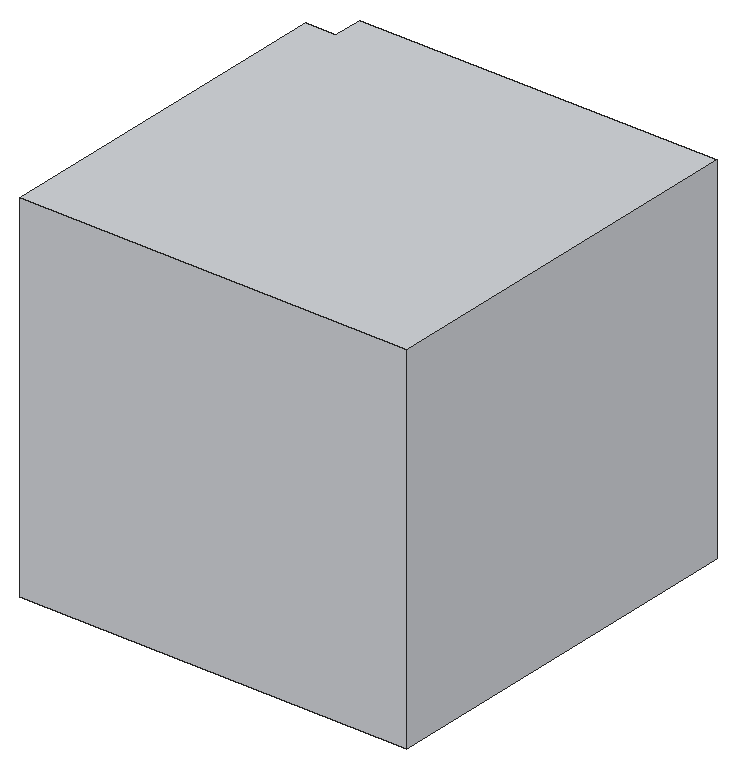
Revit family "M_Rectangular Elbow - Mitered - Single Thickness Vanes", category Duct Fittings, Revit 2014
Parameters (values of type "Standard")
  Vanes Space [instance] = Vanes Radius  # 50 mm
  Duct Width [instance] = 300 mm
  Shoulder Length [instance] = 25 mm
  Number [instance] = if((Length 1 + Length 2) / Vanes Space > 2, (Length 1 + Length 2) / Vanes Space, 2)  # 6
  Length 2 [instance] = if((Half Duct Width - Vanes Radius) > 0 mm, Half Duct Width - Vanes Radius, 25 mm)  # 100 mm
  Length 1 [instance] = Half Duct Width + Vanes Radius / 2  # 175 mm
  Duct Length1 [instance] = tan(Angle / 2) * Duct Width / 2 + Shoulder Length  # 175 mm
  Vanes Radius [instance] = Duct Width / 6  # 50 mm
  Duct Height [instance] = 300 mm
  Half Duct Width [instance] = Duct Width / 2  # 150 mm
  Half Duct Length 1 [instance] = Duct Length1 / 2  # 87.5 mm
  Half Duct Height [instance] = Duct Height / 2  # 150 mm
  Angle 2 [instance] = Angle / 2  # 45.00°
  Angle [instance] = 90.00°
Reference planes
  plane 1 "Center (Front/Back)": y = 0
  plane 2: z = 0
  plane 3 "Center (Left/Right)": x = 0
  plane 4: x = -175
Forms (mm)
  Sweep 1, solid, detail levels medium+fine
    path in 3D
      loop
        line (-175, 0, 0) -> (0, 0, 0) -> (0, 175, 0)
    profile "M_Duct - Rectangular : Duct - Rectangular" origin (-87.5, 0, 0) x (0, 1, 0) y (0, 0, 1)
      loop
        line (-150, 150) -> (-150, -150) -> (150, -150) -> (150, 150) -> (-150, 150)
Lines and regions (mm)
  reference lines
    curve 1: line (-175, 0, 0) -> (0, 0, 0)
    curve 6: line (0, 0, 0) -> (-123.744, 123.744, 0)
    curve 7: line (0, 0, 0) -> (70.711, -70.711, 0)
    curve 8: line (-123.744, 123.744, 0) -> (-177.625, 69.862, 0)
    curve 9: line (-88.388, 88.388, 0) -> (-142.27, 34.507, 0)
  model lines, style "DuctFitting", detail levels coarse
    curve 2: line (0, 0, 0) -> (0, 175, 0)
    curve 5: line (-175, 0, 0) -> (0, 0, 0)
  sketch lines
    curve 3: line (-175, 0, 0) -> (0, 0, 0)
    curve 4: line (0, 0, 0) -> (0, 175, 0)
  model lines, detail levels coarse
    curve 10: line (0, 0, 0) -> (-61.872, 61.872, 0)
    curve 11: line (0, 0, 0) -> (61.872, -61.872, 0)
Dimensions and locks
  "Duct Length1": plane 4 to plane 3 "Center (Left/Right)"
  "Duct Length1": curve 2 to curve 2
  "Length 1": curve 6 to curve 6
  "Length 2": curve 7 to curve 7
  "Vanes Space": curve 8 to curve 9
  equal spacing: group 1, group 2, group 3, group 4, group 5, group 6  (x2)
  equal spacing: group 6, group 5, group 4, group 3, group 2, group 1
  "Half Duct Length 1": curve 10 to curve 10
  "Half Duct Length 1": curve 11 to curve 11
  "Angle": angle plane 1 "Center (Front/Back)" to curve 2
  "Angle 2": angle plane 3 "Center (Left/Right)" to curve 7
  "Angle 2": angle plane 3 "Center (Left/Right)" to curve 6
  locked: curve 6 to curve 8 (angle 90.00°)
  locked: curve 9 to curve 6 (angle 90.00°)
  "Angle 2": angle plane 3 "Center (Left/Right)" to curve 10
  "Angle 2": angle plane 3 "Center (Left/Right)" to curve 11
  aligned and locked: plane 1 "Center (Front/Back)" to curve 1
  aligned and locked: plane 3 "Center (Left/Right)" to curve 1
  aligned and locked: plane 4 to curve 1
  aligned and locked: curve 5 to curve 1
  aligned and locked: curve 6 to nested 1
  aligned and locked: nested 1 to curve 6
  aligned and locked: nested 2 to curve 9  (x2)
Automatic sketch dimensions
  curve 5 to plane 4 = 0 mm
  curve 11 to plane 3 "Center (Left/Right)" = 0 mm
Nested families
  nested 1: "M_Duct - Single Vanes" at (-123.744, 123.744, 0), Radius <- "Vanes Radius", Height <- "Half Duct Height", Angle <- "Angle", type "Duct - Single Vanes", detail levels medium+fine
    with Radius 50 mm, Height 150 mm, Angle 90.00°
  nested 2: "M_Duct - Single Vanes" at (-88.388, 88.388, 0), Radius <- "Vanes Radius", Height <- "Half Duct Height", Angle <- "Angle", type "Duct - Single Vanes", detail levels medium+fine
    with Radius 50 mm, Height 150 mm, Angle 90.00°
  nested 3: "M_Duct - Single Vanes" at (-53.033, 53.033, 0), Radius <- "Vanes Radius", Height <- "Half Duct Height", Angle <- "Angle", type "Duct - Single Vanes", detail levels medium+fine
    with Radius 50 mm, Height 150 mm, Angle 90.00°
  nested 4: "M_Duct - Single Vanes" at (-17.678, 17.678, 0), Radius <- "Vanes Radius", Height <- "Half Duct Height", Angle <- "Angle", type "Duct - Single Vanes", detail levels medium+fine
    with Radius 50 mm, Height 150 mm, Angle 90.00°
  nested 5: "M_Duct - Single Vanes" at (17.678, -17.678, 0), Radius <- "Vanes Radius", Height <- "Half Duct Height", Angle <- "Angle", type "Duct - Single Vanes", detail levels medium+fine
    with Radius 50 mm, Height 150 mm, Angle 90.00°
  nested 6: "M_Duct - Single Vanes" at (53.033, -53.033, 0), Radius <- "Vanes Radius", Height <- "Half Duct Height", Angle <- "Angle", type "Duct - Single Vanes", detail levels medium+fine
    with Radius 50 mm, Height 150 mm, Angle 90.00°
Connectors
  hvac at (-175, 0, 0), driven by "Duct Height", driven by "Duct Width", driven by "Angle"
    settings: on Sweep 1, index 1, duct flow 0.0 L/s, flow factor 0, pres drop 0.0 Pa, loss coef 0, conn angle 90.00°, conn width 300 mm, conn height 300 mm, conn diameter 609.6 mm, duct sys type 28, conn prof type 1, flow config 0, flow direction 0, loss method 0, conn ref index 2, conn util no, is conn primary yes, conn desc ""
  hvac at (0, 175, 0), driven by "Duct Height", driven by "Duct Width", driven by "Angle"
    settings: on Sweep 1, index 2, duct flow 0.0 L/s, flow factor 0, pres drop 0.0 Pa, loss coef 0, conn angle 90.00°, conn width 300 mm, conn height 300 mm, conn diameter 609.6 mm, duct sys type 28, conn prof type 1, flow config 0, flow direction 0, loss method 0, conn ref index 1, conn util no, is conn primary no, conn desc ""
Definition of nested family "M_Duct - Single Vanes"
  Parameters (values of type "Duct - Single Vanes")
    Radius [instance] = 449.858 mm
    Height [instance] = 25.4 mm
    Assembly Code = ""
    Angle [instance] = 45.00°
  Reference planes
    plane 1 "Center (Front/Back)": y = 0
    plane 2: z = 0
    plane 3 "Center (Left/Right)": x = 0
    plane 4: y = -449.858
    plane 5: x = 449.858
    plane 6: z = 25.4
    plane 7: z = -25.4
  Lines and regions (mm)
    model lines, detail levels medium+fine
      curve 1: arc (0, -449.858, 25.4) -> (172.153, -415.614, 25.4) -> (318.098, -318.098, 25.4) r 449.858
      curve 2: arc (0, -449.858, -25.4) -> (172.153, -415.614, -25.4) -> (318.098, -318.098, -25.4) r 449.858
  Dimensions and locks
    "Radius": plane 3 "Center (Left/Right)" to plane 5
    "Radius": plane 1 "Center (Front/Back)" to plane 4
    "Height": plane 6 to plane 2
    "Height": plane 2 to plane 7
    "Radius": radius of curve 1
    "Radius": radius of curve 2
    "Angle": angle curve 1 to curve 1
    "Angle": angle curve 2 to curve 2
    aligned and locked: plane 1 "Center (Front/Back)" to curve 1
    aligned and locked: plane 3 "Center (Left/Right)" to curve 1
    aligned and locked: plane 1 "Center (Front/Back)" to curve 2
    aligned and locked: plane 3 "Center (Left/Right)" to curve 2
